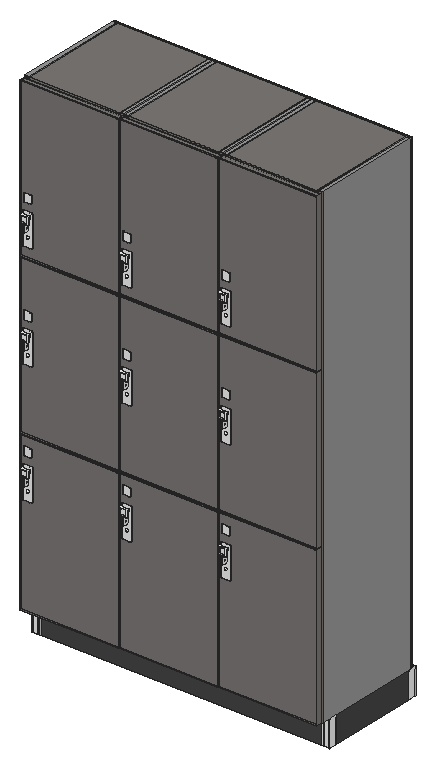
Revit family "Wood_Lockers_Hasps-Salsbury_Industries-15_43000_Series-3_Wide_Units.rfa", category Specialty Equipment, Revit 2016 (continued)
Definition of nested family "Wood Locker Sloping Hoods"
  Forms (in)
    Extrusion 2, solid, visible <- "Visible"
      sketch origin (0, 0, 0) x (0, 1, 0) y (0, 0, 1)
        loop
          line (-9.97273, 0) -> (11.8125, 8.368) -> (11.8125, 9.087) -> (-11.73269, 0.062) -> (-11.7815, 0.062) -> (-11.7815, 0) -> (-9.97273, 0)
      from -22.5 to 22.5
    Extrusion 3, solid, material <- "Laminate Surface", visible <- "Visible"
      sketch origin (0, 0, 0) x (0, 1, 0) y (0, 0, 1)
        loop
          line (-11.8125, 0.062) -> (-11.8125, 0) -> (-11.7815, 0) -> (-11.7815, 0.062) -> (-11.8125, 0.062)
      from -22.5 to 22.5
    Extrusion 4, solid, material <- "Laminate Surface", visible <- "Visible"
      sketch origin (0, 0, 0) x (0, 1, 0) y (0, 0, 1)
        loop
          line (11.8125, 9.118) -> (-11.8125, 0.062) -> (-11.73269, 0.062) -> (11.8125, 9.087) -> (11.8125, 9.118)
      from -22.5 to 22.5
  Dimensions and locks (in)
    equal spacing: plane 7 "Left Side of Hood", plane 3 "Center (Left/Right)", plane 6 "Right Side of Hood"
    "Width": plane 7 "Left Side of Hood" to plane 6 "Right Side of Hood"
    equal spacing: plane 4 "Front of Hood", plane 1 "Center (Front/Back)", plane 5 "Back of Hood"
    "Depth": plane 4 "Front of Hood" to plane 5 "Back of Hood"
    "Height": plane 9 "Top of Hood" to plane 8 "Bottom of Hood"
    plane 7 "Left Side of Hood" to plane 11 = 0.750"
    plane 10 to plane 6 "Right Side of Hood" = 0.750"
    plane 4 "Front of Hood" to plane 12 to plane 13 = 0.031" locked, 0.719" locked
    plane 15 to plane 14 to plane 9 "Top of Hood" = 0.719" locked, 0.031" locked
    locked: plane 16 to plane 8 "Bottom of Hood" at 0.062
    locked: plane 17 to plane 8 "Bottom of Hood" at 0.75
    aligned and locked: level to plane 2
    aligned and locked: Extrusion 2 to plane 6 "Right Side of Hood"
    aligned and locked: plane 7 "Left Side of Hood" to Extrusion 2
    aligned and locked: plane 7 "Left Side of Hood" to Extrusion 4
    aligned and locked: Extrusion 4 to plane 6 "Right Side of Hood"
    aligned and locked: Extrusion 3 to plane 6 "Right Side of Hood"
    aligned and locked: plane 7 "Left Side of Hood" to Extrusion 3
    aligned and locked: Extrusion 2 to Extrusion 1 sketch curve
    aligned and locked: plane 7 "Left Side of Hood" to Extrusion 1
    aligned and locked: Extrusion 1 to plane 6 "Right Side of Hood"
  Automatic sketch dimensions
    Extrusion 3 sketch curve to level = 0.000"
    Extrusion 3 sketch curve to plane 4 "Front of Hood" = 0.000"
    Extrusion 3 sketch curve to plane 12 = 0.000"
    plane 16 to Extrusion 3 sketch curve = 0.000"
    Extrusion 4 sketch curve to plane 4 "Front of Hood" = 0.000"
    plane 16 to Extrusion 4 sketch curve = 0.000"
    Extrusion 4 sketch curve to plane 5 "Back of Hood" = 0.000"
    plane 14 to Extrusion 4 sketch curve = 0.000"
    plane 9 "Top of Hood" to Extrusion 4 sketch curve = 0.000"
    Extrusion 4 sketch curve to plane 12 = 0.04881"
    Extrusion 2 sketch curve to level = 0.000"
    Extrusion 2 sketch curve to plane 12 = 0.000"
    plane 16 to Extrusion 2 sketch curve = 0.000"
    Extrusion 2 sketch curve to plane 5 "Back of Hood" = 0.000"
    plane 15 to Extrusion 2 sketch curve = 0.000"
    plane 14 to Extrusion 2 sketch curve = 0.000"
    Extrusion 2 sketch curve to plane 13 = 1.08977"
    Extrusion 2 sketch curve to plane 12 = 0.04881"
    Extrusion 1 sketch curve to level = 0.000"
    Extrusion 1 sketch curve to plane 1 "Center (Front/Back)" = 0.000"
    Extrusion 1 sketch curve to Extrusion 1 sketch curve = 0.24302"
Types (7): name | Unit Height including Sloping Hood Only | Unit Height including Base Only | Sloping Hood Height | Overall Unit Height including Base and Sloping Hood | Model | Flat Top In-Line Filler - Right Side | Description | Depth | Compartment Depth | Base Height | Base Depth | Base
  (no name) | 78.868" | 76.000" | 6.868" | 82.868" | "15-43368" | Wood Locker Flat In-Line Fillers : None | "3 Wide - 6 Feet High - 18 inches Deep - with Base" | 18.000" | 16.750" | 4.000" | 16.250" | Wood Locker Bases : Base - 45" W x 18" D Lockers
  15-43364 | 81.118" | 76.000" | 9.118" | 85.118" | "15-43364" | Wood Locker Flat In-Line Fillers : None | "3 Wide - 6 Feet High - 24 inches Deep - with Base" | 24.000" | 22.750" | 4.000" | 22.250" | Wood Locker Bases : Base - 45" W x 24" D Lockers
  15-43364 - without Base | 81.118" | 72.000" | 9.118" | 81.118" | "15-43364 without Base" | Wood Locker Sloping In-Line Fillers : None | "3 Wide - 6 Feet High - 24 inches Deep - without Base" | 24.000" | 22.750" | 0.000" | 22.250" | Wood Locker Bases : None
  15-43368 | 78.868" | 76.000" | 6.868" | 82.868" | "15-43368" | Wood Locker Flat In-Line Fillers : None | "3 Wide - 6 Feet High - 18 inches Deep - with Base" | 18.000" | 16.750" | 4.000" | 16.250" | Wood Locker Bases : Base - 45" W x 18" D Lockers
  15-43368 - without Base | 78.868" | 72.000" | 6.868" | 78.868" | "15-43368 without Base" | Wood Locker Sloping In-Line Fillers : None | "3 Wide - 6 Feet High - 18 inches Deep - without Base" | 18.000" | 16.750" | 0.000" | 16.250" | Wood Locker Bases : None
  15-43361 | 79.993" | 76.000" | 7.993" | 83.993" | "15-43361" | Wood Locker Sloping In-Line Fillers : None | "3 Wide - 6 Feet High - 21 inches Deep - with Base" | 21.000" | 19.750" | 4.000" | 19.250" | Wood Locker Bases : Base - 45" W x 21" D Lockers
  15-43361 - without Base | 79.993" | 72.000" | 7.993" | 79.993" | "15-43361 without Base" | Wood Locker Sloping In-Line Fillers : None | "3 Wide - 6 Feet High - 21 inches Deep - without Base" | 21.000" | 19.750" | 0.000" | 19.250" | Wood Locker Bases : None
